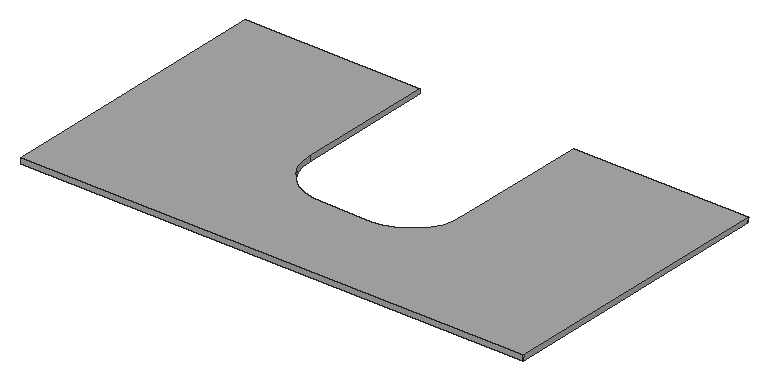
Revit family "console-hansgrohe-54209XXX-Xevolos E Console 980_550 with cutout middle for countertop basin ground 500_480 and 600_480", category Furniture, Revit 2019
Family settings
  OmniClass Number = 23.40.00.00
  OmniClass Title = Equipment and Furnishings
  Work Plane-Based = No
  Always vertical = Yes
  Cut with Voids When Loaded = No
  Shared = Yes
  Room Calculation Point = No
Parameters (values of type "54209-54209760-SLATE_MATT_GREY-400")
  etim7_EC011381 = "EC011381"
  WEIGHT = "3.5"
  UNSPSC = "56 | Furniture and Furnishings"
  UNIFORMATII = "E2010 | Fixed Furnishings"
  UNICLASS_2015_CODE = "40_30_78_05"
  UNICLASS2015 = "Pr_40_20_76_94 | Vanity units"
  SURFACE = "SLATE_MATT_GREY"
  SPECIFICATION = "https://pro.hansgrohe.com/articledetail--54209700"
  REGIONSET = "Worldwide"
  PRODUCTGROUP = "console"
  PRODUCTFAMILY = "Xevolos E"
  PERMALINK = "54209XXX"
  OMNICLASS = "23-19 31 17 11 | Bathroom Units"
  OBJECTTYPE = "Object (single object)"
  NN = "Console with cutout for countertop basin ground"
  NBSYN = "$BASENUMBER.-$ARTNR.-$SURFACE.-$LODLEVEL."
  NB = "54209-54209760-SLATE_MATT_GREY-400"
  NAME = "Xevolos E Console 980/550 with cutout middle for countertop basin ground 500/480 and 600/480"
  Model = "54209-54209760-SLATE_MATT_GREY-400"
  Manufacturer = "Hansgrohe"
  MIdent = "{$CADENAS_DATA/23d-libs/hansgrohe/xevolos_furniture/xevolos_console_cutout_for_countertop_basin_ground/console_with_cutout_for_countertop_basinground.prj},258 {VTYP=3D},{NB=54209-54209760-SLATE_MATT_GREY-400},{LINA=54209-54209760-SLATE_MATT_GREY-400},{NN=Console with cutout for countertop basin ground},{DATE=13.03.2023 11:42:46},{GEOMDATE=12.03.2023 06:46:48},{VERSION=},{LINEID=110},{WBVAR=LODLEVEL},{WBNUMERIC=}  {NB=54209-54209760-SLATE_MATT_GREY-400},{LINA=54209-54209760-SLATE_MATT_GREY-400},{KT=DUMMY},{IDNR=11},{ARTNR=54209760},{BASENUMBER=54209},{MODEL=54209XXX},{SURFACE=SLATE_MATT_GREY},{L=984},{LODLEVEL=400},{LODLEVELX='400','400','200','200'},{L1=300},{LL=492},{NAME=Xevolos E Console 980/550 with cutout middle for countertop basin ground 500/480 and 600/480},{PERMALINK=54209XXX},{OBJECTTYPE=Object (single object)},{BIMOBJECT=Sanitary: Compound units},{PRODUCTFAMILY=Xevolos E},{PRODUCTGROUP=console},{WEIGHT=3.5},{DESCRIPTION=Xevolos E Console 980/550 with cutout middle for countertop basin ground 500/480 and 600/480},{SPECIFICATION=https://pro.hansgrohe.com/articledetail--54209700},{PRODUCTURL=0},{GTINCODE=0},{TENDERURL=0},{IFC=Furnishing element},{ETIM=EC011381 | Bathroom furniture set},{UNICLASS2015=Pr_40_20_76_94 | Vanity units},{OMNICLASS=23-19 31 17 11 | Bathroom Units},{MASTERFORMAT=12 35 30.23 | Bathroom Casework},{UNSPSC=56 | Furniture and Furnishings},{UNIFORMATII=E2010 | Fixed Furnishings},{REGIONSET=Worldwide},{DESIGN=Germany},{MANUFACTURER=Germany}"
  MASTERFORMAT = "12 35 30.23 | Bathroom Casework"
  LODLEVEL = "400"
  LL = 492
  LINA = "54209-54209760-SLATE_MATT_GREY-400"
  L1 = 300
  L = 984
  IFC = "Furnishing element"
  IDNR = 11
  ETIM = "EC011381 | Bathroom furniture set"
  DESIGN = "Germany"
  CATALOG = "Hansgrohe"
  BIMOBJECT = "Sanitary: Compound units"
  BASENUMBER = "54209"
  ARTNR = "54209760"
  54209-54209780-SAND_MATT_BEIGE-400_RX0RY0RZ0TX0TY0TZ0_V = no
  54209-54209780-SAND_MATT_BEIGE-200_RX0RY0RZ0TX0TY0TZ0_V = no
  54209-54209760-SLATE_MATT_GREY-400_RX0RY0RZ0TX0TY0TZ0_V = yes
  54209-54209760-SLATE_MATT_GREY-200_RX0RY0RZ0TX0TY0TZ0_V = no
  54209-54209700-MATTE_WHITE-400_RX0RY0RZ0TX0TY0TZ0_V = no
  54209-54209700-MATTE_WHITE-200_RX0RY0RZ0TX0TY0TZ0_V = no
Types (6, lengths in mm): name | SURFACE | NB | Model | MIdent | LODLEVEL | LINA | IDNR | ARTNR | 54209-54209780-SAND_MATT_BEIGE-400_RX0RY0RZ0TX0TY0TZ0_V | 54209-54209780-SAND_MATT_BEIGE-200_RX0RY0RZ0TX0TY0TZ0_V | 54209-54209760-SLATE_MATT_GREY-400_RX0RY0RZ0TX0TY0TZ0_V | 54209-54209760-SLATE_MATT_GREY-200_RX0RY0RZ0TX0TY0TZ0_V | 54209-54209700-MATTE_WHITE-400_RX0RY0RZ0TX0TY0TZ0_V | 54209-54209700-MATTE_WHITE-200_RX0RY0RZ0TX0TY0TZ0_V
  54209-54209700-MATTE_WHITE-200 | "MATTE_WHITE" | "54209-54209700-MATTE_WHITE-200" | "54209-54209700-MATTE_WHITE-200" | "{$CADENAS_DATA/23d-libs/hansgrohe/xevolos_furniture/xevolos_console_cutout_for_countertop_basin_ground/console_with_cutout_for_countertop_basinground.prj},250 {VTYP=3D},{NB=54209-54209700-MATTE_WHITE-200},{LINA=54209-54209700-MATTE_WHITE-200},{NN=Console with cutout for countertop basin ground},{DATE=13.03.2023 11:42:46},{GEOMDATE=12.03.2023 06:46:48},{VERSION=},{LINEID=100},{WBVAR=LODLEVEL},{WBNUMERIC=}  {NB=54209-54209700-MATTE_WHITE-200},{LINA=54209-54209700-MATTE_WHITE-200},{KT=DUMMY},{IDNR=10},{ARTNR=54209700},{BASENUMBER=54209},{MODEL=54209XXX},{SURFACE=MATTE_WHITE},{L=984},{LODLEVEL=200},{LODLEVELX='400','400','200','200'},{L1=300},{LL=492},{NAME=Xevolos E Console 980/550 with cutout middle for countertop basin ground 500/480 and 600/480},{PERMALINK=54209XXX},{OBJECTTYPE=Object (single object)},{BIMOBJECT=Sanitary: Compound units},{PRODUCTFAMILY=Xevolos E},{PRODUCTGROUP=console},{WEIGHT=3.5},{DESCRIPTION=Xevolos E Console 980/550 with cutout middle for countertop basin ground 500/480 and 600/480},{SPECIFICATION=https://pro.hansgrohe.com/articledetail--54209700},{PRODUCTURL=0},{GTINCODE=0},{TENDERURL=0},{IFC=Furnishing element},{ETIM=EC011381 | Bathroom furniture set},{UNICLASS2015=Pr_40_20_76_94 | Vanity units},{OMNICLASS=23-19 31 17 11 | Bathroom Units},{MASTERFORMAT=12 35 30.23 | Bathroom Casework},{UNSPSC=56 | Furniture and Furnishings},{UNIFORMATII=E2010 | Fixed Furnishings},{REGIONSET=Worldwide},{DESIGN=Germany},{MANUFACTURER=Germany}" | "200" | "54209-54209700-MATTE_WHITE-200" | 10 | "54209700" | no | no | no | no | no | yes
  54209-54209700-MATTE_WHITE-400 | "MATTE_WHITE" | "54209-54209700-MATTE_WHITE-400" | "54209-54209700-MATTE_WHITE-400" | "{$CADENAS_DATA/23d-libs/hansgrohe/xevolos_furniture/xevolos_console_cutout_for_countertop_basin_ground/console_with_cutout_for_countertop_basinground.prj},250 {VTYP=3D},{NB=54209-54209700-MATTE_WHITE-400},{LINA=54209-54209700-MATTE_WHITE-400},{NN=Console with cutout for countertop basin ground},{DATE=13.03.2023 11:42:46},{GEOMDATE=12.03.2023 06:46:48},{VERSION=},{LINEID=100},{WBVAR=LODLEVEL},{WBNUMERIC=}  {NB=54209-54209700-MATTE_WHITE-400},{LINA=54209-54209700-MATTE_WHITE-400},{KT=DUMMY},{IDNR=10},{ARTNR=54209700},{BASENUMBER=54209},{MODEL=54209XXX},{SURFACE=MATTE_WHITE},{L=984},{LODLEVEL=400},{LODLEVELX='400','400','200','200'},{L1=300},{LL=492},{NAME=Xevolos E Console 980/550 with cutout middle for countertop basin ground 500/480 and 600/480},{PERMALINK=54209XXX},{OBJECTTYPE=Object (single object)},{BIMOBJECT=Sanitary: Compound units},{PRODUCTFAMILY=Xevolos E},{PRODUCTGROUP=console},{WEIGHT=3.5},{DESCRIPTION=Xevolos E Console 980/550 with cutout middle for countertop basin ground 500/480 and 600/480},{SPECIFICATION=https://pro.hansgrohe.com/articledetail--54209700},{PRODUCTURL=0},{GTINCODE=0},{TENDERURL=0},{IFC=Furnishing element},{ETIM=EC011381 | Bathroom furniture set},{UNICLASS2015=Pr_40_20_76_94 | Vanity units},{OMNICLASS=23-19 31 17 11 | Bathroom Units},{MASTERFORMAT=12 35 30.23 | Bathroom Casework},{UNSPSC=56 | Furniture and Furnishings},{UNIFORMATII=E2010 | Fixed Furnishings},{REGIONSET=Worldwide},{DESIGN=Germany},{MANUFACTURER=Germany}" | "400" | "54209-54209700-MATTE_WHITE-400" | 10 | "54209700" | no | no | no | no | yes | no
  54209-54209760-SLATE_MATT_GREY-200 | "SLATE_MATT_GREY" | "54209-54209760-SLATE_MATT_GREY-200" | "54209-54209760-SLATE_MATT_GREY-200" | "{$CADENAS_DATA/23d-libs/hansgrohe/xevolos_furniture/xevolos_console_cutout_for_countertop_basin_ground/console_with_cutout_for_countertop_basinground.prj},258 {VTYP=3D},{NB=54209-54209760-SLATE_MATT_GREY-200},{LINA=54209-54209760-SLATE_MATT_GREY-200},{NN=Console with cutout for countertop basin ground},{DATE=13.03.2023 11:42:46},{GEOMDATE=12.03.2023 06:46:48},{VERSION=},{LINEID=110},{WBVAR=LODLEVEL},{WBNUMERIC=}  {NB=54209-54209760-SLATE_MATT_GREY-200},{LINA=54209-54209760-SLATE_MATT_GREY-200},{KT=DUMMY},{IDNR=11},{ARTNR=54209760},{BASENUMBER=54209},{MODEL=54209XXX},{SURFACE=SLATE_MATT_GREY},{L=984},{LODLEVEL=200},{LODLEVELX='400','400','200','200'},{L1=300},{LL=492},{NAME=Xevolos E Console 980/550 with cutout middle for countertop basin ground 500/480 and 600/480},{PERMALINK=54209XXX},{OBJECTTYPE=Object (single object)},{BIMOBJECT=Sanitary: Compound units},{PRODUCTFAMILY=Xevolos E},{PRODUCTGROUP=console},{WEIGHT=3.5},{DESCRIPTION=Xevolos E Console 980/550 with cutout middle for countertop basin ground 500/480 and 600/480},{SPECIFICATION=https://pro.hansgrohe.com/articledetail--54209700},{PRODUCTURL=0},{GTINCODE=0},{TENDERURL=0},{IFC=Furnishing element},{ETIM=EC011381 | Bathroom furniture set},{UNICLASS2015=Pr_40_20_76_94 | Vanity units},{OMNICLASS=23-19 31 17 11 | Bathroom Units},{MASTERFORMAT=12 35 30.23 | Bathroom Casework},{UNSPSC=56 | Furniture and Furnishings},{UNIFORMATII=E2010 | Fixed Furnishings},{REGIONSET=Worldwide},{DESIGN=Germany},{MANUFACTURER=Germany}" | "200" | "54209-54209760-SLATE_MATT_GREY-200" | 11 | "54209760" | no | no | no | yes | no | no
  54209-54209760-SLATE_MATT_GREY-400 | "SLATE_MATT_GREY" | "54209-54209760-SLATE_MATT_GREY-400" | "54209-54209760-SLATE_MATT_GREY-400" | "{$CADENAS_DATA/23d-libs/hansgrohe/xevolos_furniture/xevolos_console_cutout_for_countertop_basin_ground/console_with_cutout_for_countertop_basinground.prj},258 {VTYP=3D},{NB=54209-54209760-SLATE_MATT_GREY-400},{LINA=54209-54209760-SLATE_MATT_GREY-400},{NN=Console with cutout for countertop basin ground},{DATE=13.03.2023 11:42:46},{GEOMDATE=12.03.2023 06:46:48},{VERSION=},{LINEID=110},{WBVAR=LODLEVEL},{WBNUMERIC=}  {NB=54209-54209760-SLATE_MATT_GREY-400},{LINA=54209-54209760-SLATE_MATT_GREY-400},{KT=DUMMY},{IDNR=11},{ARTNR=54209760},{BASENUMBER=54209},{MODEL=54209XXX},{SURFACE=SLATE_MATT_GREY},{L=984},{LODLEVEL=400},{LODLEVELX='400','400','200','200'},{L1=300},{LL=492},{NAME=Xevolos E Console 980/550 with cutout middle for countertop basin ground 500/480 and 600/480},{PERMALINK=54209XXX},{OBJECTTYPE=Object (single object)},{BIMOBJECT=Sanitary: Compound units},{PRODUCTFAMILY=Xevolos E},{PRODUCTGROUP=console},{WEIGHT=3.5},{DESCRIPTION=Xevolos E Console 980/550 with cutout middle for countertop basin ground 500/480 and 600/480},{SPECIFICATION=https://pro.hansgrohe.com/articledetail--54209700},{PRODUCTURL=0},{GTINCODE=0},{TENDERURL=0},{IFC=Furnishing element},{ETIM=EC011381 | Bathroom furniture set},{UNICLASS2015=Pr_40_20_76_94 | Vanity units},{OMNICLASS=23-19 31 17 11 | Bathroom Units},{MASTERFORMAT=12 35 30.23 | Bathroom Casework},{UNSPSC=56 | Furniture and Furnishings},{UNIFORMATII=E2010 | Fixed Furnishings},{REGIONSET=Worldwide},{DESIGN=Germany},{MANUFACTURER=Germany}" | "400" | "54209-54209760-SLATE_MATT_GREY-400" | 11 | "54209760" | no | no | yes | no | no | no
  54209-54209780-SAND_MATT_BEIGE-200 | "SAND_MATT_BEIGE" | "54209-54209780-SAND_MATT_BEIGE-200" | "54209-54209780-SAND_MATT_BEIGE-200" | "{$CADENAS_DATA/23d-libs/hansgrohe/xevolos_furniture/xevolos_console_cutout_for_countertop_basin_ground/console_with_cutout_for_countertop_basinground.prj},258 {VTYP=3D},{NB=54209-54209780-SAND_MATT_BEIGE-200},{LINA=54209-54209780-SAND_MATT_BEIGE-200},{NN=Console with cutout for countertop basin ground},{DATE=13.03.2023 11:42:46},{GEOMDATE=12.03.2023 06:46:48},{VERSION=},{LINEID=120},{WBVAR=LODLEVEL},{WBNUMERIC=}  {NB=54209-54209780-SAND_MATT_BEIGE-200},{LINA=54209-54209780-SAND_MATT_BEIGE-200},{KT=DUMMY},{IDNR=12},{ARTNR=54209780},{BASENUMBER=54209},{MODEL=54209XXX},{SURFACE=SAND_MATT_BEIGE},{L=984},{LODLEVEL=200},{LODLEVELX='400','400','200','200'},{L1=300},{LL=492},{NAME=Xevolos E Console 980/550 with cutout middle for countertop basin ground 500/480 and 600/480},{PERMALINK=54209XXX},{OBJECTTYPE=Object (single object)},{BIMOBJECT=Sanitary: Compound units},{PRODUCTFAMILY=Xevolos E},{PRODUCTGROUP=console},{WEIGHT=3.5},{DESCRIPTION=Xevolos E Console 980/550 with cutout middle for countertop basin ground 500/480 and 600/480},{SPECIFICATION=https://pro.hansgrohe.com/articledetail--54209700},{PRODUCTURL=0},{GTINCODE=0},{TENDERURL=0},{IFC=Furnishing element},{ETIM=EC011381 | Bathroom furniture set},{UNICLASS2015=Pr_40_20_76_94 | Vanity units},{OMNICLASS=23-19 31 17 11 | Bathroom Units},{MASTERFORMAT=12 35 30.23 | Bathroom Casework},{UNSPSC=56 | Furniture and Furnishings},{UNIFORMATII=E2010 | Fixed Furnishings},{REGIONSET=Worldwide},{DESIGN=Germany},{MANUFACTURER=Germany}" | "200" | "54209-54209780-SAND_MATT_BEIGE-200" | 12 | "54209780" | no | yes | no | no | no | no
  54209-54209780-SAND_MATT_BEIGE-400 | "SAND_MATT_BEIGE" | "54209-54209780-SAND_MATT_BEIGE-400" | "54209-54209780-SAND_MATT_BEIGE-400" | "{$CADENAS_DATA/23d-libs/hansgrohe/xevolos_furniture/xevolos_console_cutout_for_countertop_basin_ground/console_with_cutout_for_countertop_basinground.prj},258 {VTYP=3D},{NB=54209-54209780-SAND_MATT_BEIGE-400},{LINA=54209-54209780-SAND_MATT_BEIGE-400},{NN=Console with cutout for countertop basin ground},{DATE=13.03.2023 11:42:46},{GEOMDATE=12.03.2023 06:46:48},{VERSION=},{LINEID=120},{WBVAR=LODLEVEL},{WBNUMERIC=}  {NB=54209-54209780-SAND_MATT_BEIGE-400},{LINA=54209-54209780-SAND_MATT_BEIGE-400},{KT=DUMMY},{IDNR=12},{ARTNR=54209780},{BASENUMBER=54209},{MODEL=54209XXX},{SURFACE=SAND_MATT_BEIGE},{L=984},{LODLEVEL=400},{LODLEVELX='400','400','200','200'},{L1=300},{LL=492},{NAME=Xevolos E Console 980/550 with cutout middle for countertop basin ground 500/480 and 600/480},{PERMALINK=54209XXX},{OBJECTTYPE=Object (single object)},{BIMOBJECT=Sanitary: Compound units},{PRODUCTFAMILY=Xevolos E},{PRODUCTGROUP=console},{WEIGHT=3.5},{DESCRIPTION=Xevolos E Console 980/550 with cutout middle for countertop basin ground 500/480 and 600/480},{SPECIFICATION=https://pro.hansgrohe.com/articledetail--54209700},{PRODUCTURL=0},{GTINCODE=0},{TENDERURL=0},{IFC=Furnishing element},{ETIM=EC011381 | Bathroom furniture set},{UNICLASS2015=Pr_40_20_76_94 | Vanity units},{OMNICLASS=23-19 31 17 11 | Bathroom Units},{MASTERFORMAT=12 35 30.23 | Bathroom Casework},{UNSPSC=56 | Furniture and Furnishings},{UNIFORMATII=E2010 | Fixed Furnishings},{REGIONSET=Worldwide},{DESIGN=Germany},{MANUFACTURER=Germany}" | "400" | "54209-54209780-SAND_MATT_BEIGE-400" | 12 | "54209780" | yes | no | no | no | no | no
Reference planes
  plane 1 "Center (Front/Back)": y = 0
  plane 2: z = 0
  plane 3 "Center (Left/Right)": x = 0
Dimensions and locks
  aligned and locked: level to plane 2
Nested families
  nested 1: "54209-54209700-matte_white-200_content" at (0, 0, 0), visible <- "54209-54209700-MATTE_WHITE-200_RX0RY0RZ0TX0TY0TZ0_V", ContentVisible <- "54209-54209700-MATTE_WHITE-200_RX0RY0RZ0TX0TY0TZ0_V", type "54209-54209700-MATTE_WHITE-200_Content"
    with ContentVisible no
  nested 2: "54209-54209700-matte_white-400_content" at (0, 0, 0), visible <- "54209-54209700-MATTE_WHITE-400_RX0RY0RZ0TX0TY0TZ0_V", ContentVisible <- "54209-54209700-MATTE_WHITE-400_RX0RY0RZ0TX0TY0TZ0_V", type "54209-54209700-MATTE_WHITE-400_Content"
    with ContentVisible no
  nested 3: "54209-54209760-slate_matt_grey-200_content" at (0, 0, 0), visible <- "54209-54209760-SLATE_MATT_GREY-200_RX0RY0RZ0TX0TY0TZ0_V", ContentVisible <- "54209-54209760-SLATE_MATT_GREY-200_RX0RY0RZ0TX0TY0TZ0_V", type "54209-54209760-SLATE_MATT_GREY-200_Content"
    with ContentVisible no
  nested 4: "54209-54209760-slate_matt_grey-400_content" at (0, 0, 0), visible <- "54209-54209760-SLATE_MATT_GREY-400_RX0RY0RZ0TX0TY0TZ0_V", ContentVisible <- "54209-54209760-SLATE_MATT_GREY-400_RX0RY0RZ0TX0TY0TZ0_V", type "54209-54209760-SLATE_MATT_GREY-400_Content"
    with ContentVisible yes
  nested 5: "54209-54209780-sand_matt_beige-200_content" at (0, 0, 0), visible <- "54209-54209780-SAND_MATT_BEIGE-200_RX0RY0RZ0TX0TY0TZ0_V", ContentVisible <- "54209-54209780-SAND_MATT_BEIGE-200_RX0RY0RZ0TX0TY0TZ0_V", type "54209-54209780-SAND_MATT_BEIGE-200_Content"
    with ContentVisible no
  nested 6: "54209-54209780-sand_matt_beige-400_content" at (0, 0, 0), visible <- "54209-54209780-SAND_MATT_BEIGE-400_RX0RY0RZ0TX0TY0TZ0_V", ContentVisible <- "54209-54209780-SAND_MATT_BEIGE-400_RX0RY0RZ0TX0TY0TZ0_V", type "54209-54209780-SAND_MATT_BEIGE-400_Content"
    with ContentVisible no
Definition of nested family "54209-54209760-slate_matt_grey-400_content"
  Parameters (values of type "54209-54209760-SLATE_MATT_GREY-400_Content")
    etim7_EC011381 = "EC011381"
    WEIGHT = "3.5"
    UNSPSC = "56 | Furniture and Furnishings"
    UNIFORMATII = "E2010 | Fixed Furnishings"
    UNICLASS_2015_CODE = "40_30_78_05"
    UNICLASS2015 = "Pr_40_20_76_94 | Vanity units"
    SURFACE = "SLATE_MATT_GREY"
    SPECIFICATION = "https://pro.hansgrohe.com/articledetail--54209700"
    REGIONSET = "Worldwide"
    PRODUCTGROUP = "console"
    PRODUCTFAMILY = "Xevolos E"
    PERMALINK = "54209XXX"
    OMNICLASS = "23-19 31 17 11 | Bathroom Units"
    OBJECTTYPE = "Object (single object)"
    NN = "Console with cutout for countertop basin ground"
    NBSYN = "$BASENUMBER.-$ARTNR.-$SURFACE.-$LODLEVEL."
    NB = "54209-54209760-SLATE_MATT_GREY-400"
    NAME = "Xevolos E Console 980/550 with cutout middle for countertop basin ground 500/480 and 600/480"
    Model = "54209-54209760-SLATE_MATT_GREY-400"
    Manufacturer = "Hansgrohe"
    MASTERFORMAT = "12 35 30.23 | Bathroom Casework"
    LODLEVEL = "400"
    LL = 492
    LINA = "54209-54209760-SLATE_MATT_GREY-400"
    L1 = 300
    L = 984
    IFC = "Furnishing element"
    IDNR = 11
    ETIM = "EC011381 | Bathroom furniture set"
    Default Elevation = 1219.2 mm
    DESIGN = "Germany"
    ContentVisible [instance] = yes
    CATALOG = "Hansgrohe"
    BIMOBJECT = "Sanitary: Compound units"
    BASENUMBER = "54209"
    ARTNR = "54209760"
  Reference planes
    plane 1 "Center (Front/Back)": y = 0
    plane 2: z = 0
    plane 3 "Center (Left/Right)": x = 0
  Forms (mm)
    Extrusion 1, solid, visible <- "ContentVisible", detail levels medium+fine
      sketch origin (0, 0, 0) x (1, 0, 0) y (0, 1, 0)
        loop
          line (-492, -1.5) -> (-492, -548.5)
          arc (-492, -548.5) -> (-491.561, -549.561) -> (-490.5, -550) r 1.5
          line (-490.5, -550) -> (490.5, -550)
          arc (490.5, -550) -> (491.561, -549.561) -> (492, -548.5) r 1.5
          line (492, -548.5) -> (492, -1.5)
          arc (492, -1.5) -> (491.561, -0.439) -> (490.5, 0) r 1.5
          line (490.5, 0) -> (150, 0) -> (150, -270)
          arc (150, -270) -> (120.711, -340.711) -> (50, -370) r 100
          line (50, -370) -> (-50, -370)
          arc (-50, -370) -> (-120.711, -340.711) -> (-150, -270) r 100
          line (-150, -270) -> (-150, 0) -> (-490.5, 0)
          arc (-490.5, 0) -> (-491.561, -0.439) -> (-492, -1.5) r 1.5
      from 0 to 10
    Extrusion 2, solid, visible <- "ContentVisible", detail levels coarse
      sketch origin (0, -275, 0) x (1, 0, 0) y (0, 1, 0)
        loop
          line (-492, -275) -> (492, -275) -> (492, 275) -> (-492, 275) -> (-492, -275)
      from 0 to 10
  Dimensions and locks
    aligned and locked: level to plane 2
Definition of nested family "54209-54209700-matte_white-200_content"
  Parameters (values of type "54209-54209700-MATTE_WHITE-200_Content")
    etim7_EC011381 = "EC011381"
    WEIGHT = "3.5"
    UNSPSC = "56 | Furniture and Furnishings"
    UNIFORMATII = "E2010 | Fixed Furnishings"
    UNICLASS_2015_CODE = "40_30_78_05"
    UNICLASS2015 = "Pr_40_20_76_94 | Vanity units"
    SURFACE = "MATTE_WHITE"
    SPECIFICATION = "https://pro.hansgrohe.com/articledetail--54209700"
    REGIONSET = "Worldwide"
    PRODUCTGROUP = "console"
    PRODUCTFAMILY = "Xevolos E"
    PERMALINK = "54209XXX"
    OMNICLASS = "23-19 31 17 11 | Bathroom Units"
    OBJECTTYPE = "Object (single object)"
    NN = "Console with cutout for countertop basin ground"
    NBSYN = "$BASENUMBER.-$ARTNR.-$SURFACE.-$LODLEVEL."
    NB = "54209-54209700-MATTE_WHITE-200"
    NAME = "Xevolos E Console 980/550 with cutout middle for countertop basin ground 500/480 and 600/480"
    Model = "54209-54209700-MATTE_WHITE-200"
    Manufacturer = "Hansgrohe"
    MASTERFORMAT = "12 35 30.23 | Bathroom Casework"
    LODLEVEL = "200"
    LL = 492
    LINA = "54209-54209700-MATTE_WHITE-200"
    L1 = 300
    L = 984
    IFC = "Furnishing element"
    IDNR = 10
    ETIM = "EC011381 | Bathroom furniture set"
    Default Elevation = 1219.2 mm
    DESIGN = "Germany"
    ContentVisible [instance] = yes
    CATALOG = "Hansgrohe"
    BIMOBJECT = "Sanitary: Compound units"
    BASENUMBER = "54209"
    ARTNR = "54209700"
  Reference planes
    plane 1 "Center (Front/Back)": y = 0
    plane 2: z = 0
    plane 3 "Center (Left/Right)": x = 0
  Forms (mm)
    Extrusion 1, solid, visible <- "ContentVisible", detail levels medium+fine
      sketch origin (0, 0, 0) x (1, 0, 0) y (0, 1, 0)
        loop
          line (-492, 0) -> (-492, -550) -> (492, -550) -> (492, 0) -> (150, 0) -> (150, -460) -> (-150, -460) -> (-150, 0) -> (-492, 0)
      from 0 to 10
    Extrusion 2, solid, visible <- "ContentVisible", detail levels coarse
      sketch origin (0, -275, 0) x (1, 0, 0) y (0, 1, 0)
        loop
          line (-492, -275) -> (492, -275) -> (492, 275) -> (-492, 275) -> (-492, -275)
      from 0 to 10
  Dimensions and locks
    aligned and locked: level to plane 2
Definition of nested family "54209-54209700-matte_white-400_content"
  Parameters (values of type "54209-54209700-MATTE_WHITE-400_Content")
    etim7_EC011381 = "EC011381"
    WEIGHT = "3.5"
    UNSPSC = "56 | Furniture and Furnishings"
    UNIFORMATII = "E2010 | Fixed Furnishings"
    UNICLASS_2015_CODE = "40_30_78_05"
    UNICLASS2015 = "Pr_40_20_76_94 | Vanity units"
    SURFACE = "MATTE_WHITE"
    SPECIFICATION = "https://pro.hansgrohe.com/articledetail--54209700"
    REGIONSET = "Worldwide"
    PRODUCTGROUP = "console"
    PRODUCTFAMILY = "Xevolos E"
    PERMALINK = "54209XXX"
    OMNICLASS = "23-19 31 17 11 | Bathroom Units"
    OBJECTTYPE = "Object (single object)"
    NN = "Console with cutout for countertop basin ground"
    NBSYN = "$BASENUMBER.-$ARTNR.-$SURFACE.-$LODLEVEL."
    NB = "54209-54209700-MATTE_WHITE-400"
    NAME = "Xevolos E Console 980/550 with cutout middle for countertop basin ground 500/480 and 600/480"
    Model = "54209-54209700-MATTE_WHITE-400"
    Manufacturer = "Hansgrohe"
    MASTERFORMAT = "12 35 30.23 | Bathroom Casework"
    LODLEVEL = "400"
    LL = 492
    LINA = "54209-54209700-MATTE_WHITE-400"
    L1 = 300
    L = 984
    IFC = "Furnishing element"
    IDNR = 10
    ETIM = "EC011381 | Bathroom furniture set"
    Default Elevation = 1219.2 mm
    DESIGN = "Germany"
    ContentVisible [instance] = yes
    CATALOG = "Hansgrohe"
    BIMOBJECT = "Sanitary: Compound units"
    BASENUMBER = "54209"
    ARTNR = "54209700"
  Reference planes
    plane 1 "Center (Front/Back)": y = 0
    plane 2: z = 0
    plane 3 "Center (Left/Right)": x = 0
  Forms (mm)
    Extrusion 1, solid, visible <- "ContentVisible", detail levels medium+fine
      sketch origin (0, 0, 0) x (1, 0, 0) y (0, 1, 0)
        loop
          line (-492, -1.5) -> (-492, -548.5)
          arc (-492, -548.5) -> (-491.561, -549.561) -> (-490.5, -550) r 1.5
          line (-490.5, -550) -> (490.5, -550)
          arc (490.5, -550) -> (491.561, -549.561) -> (492, -548.5) r 1.5
          line (492, -548.5) -> (492, -1.5)
          arc (492, -1.5) -> (491.561, -0.439) -> (490.5, 0) r 1.5
          line (490.5, 0) -> (150, 0) -> (150, -270)
          arc (150, -270) -> (120.711, -340.711) -> (50, -370) r 100
          line (50, -370) -> (-50, -370)
          arc (-50, -370) -> (-120.711, -340.711) -> (-150, -270) r 100
          line (-150, -270) -> (-150, 0) -> (-490.5, 0)
          arc (-490.5, 0) -> (-491.561, -0.439) -> (-492, -1.5) r 1.5
      from 0 to 10
    Extrusion 2, solid, visible <- "ContentVisible", detail levels coarse
      sketch origin (0, -275, 0) x (1, 0, 0) y (0, 1, 0)
        loop
          line (-492, -275) -> (492, -275) -> (492, 275) -> (-492, 275) -> (-492, -275)
      from 0 to 10
  Dimensions and locks
    aligned and locked: level to plane 2
Definition of nested family "54209-54209760-slate_matt_grey-200_content"
  Parameters (values of type "54209-54209760-SLATE_MATT_GREY-200_Content")
    etim7_EC011381 = "EC011381"
    WEIGHT = "3.5"
    UNSPSC = "56 | Furniture and Furnishings"
    UNIFORMATII = "E2010 | Fixed Furnishings"
    UNICLASS_2015_CODE = "40_30_78_05"
    UNICLASS2015 = "Pr_40_20_76_94 | Vanity units"
    SURFACE = "SLATE_MATT_GREY"
    SPECIFICATION = "https://pro.hansgrohe.com/articledetail--54209700"
    REGIONSET = "Worldwide"
    PRODUCTGROUP = "console"
    PRODUCTFAMILY = "Xevolos E"
    PERMALINK = "54209XXX"
    OMNICLASS = "23-19 31 17 11 | Bathroom Units"
    OBJECTTYPE = "Object (single object)"
    NN = "Console with cutout for countertop basin ground"
    NBSYN = "$BASENUMBER.-$ARTNR.-$SURFACE.-$LODLEVEL."
    NB = "54209-54209760-SLATE_MATT_GREY-200"
    NAME = "Xevolos E Console 980/550 with cutout middle for countertop basin ground 500/480 and 600/480"
    Model = "54209-54209760-SLATE_MATT_GREY-200"
    Manufacturer = "Hansgrohe"
    MASTERFORMAT = "12 35 30.23 | Bathroom Casework"
    LODLEVEL = "200"
    LL = 492
    LINA = "54209-54209760-SLATE_MATT_GREY-200"
    L1 = 300
    L = 984
    IFC = "Furnishing element"
    IDNR = 11
    ETIM = "EC011381 | Bathroom furniture set"
    Default Elevation = 1219.2 mm
    DESIGN = "Germany"
    ContentVisible [instance] = yes
    CATALOG = "Hansgrohe"
    BIMOBJECT = "Sanitary: Compound units"
    BASENUMBER = "54209"
    ARTNR = "54209760"
  Reference planes
    plane 1 "Center (Front/Back)": y = 0
    plane 2: z = 0
    plane 3 "Center (Left/Right)": x = 0
  Forms (mm)
    Extrusion 1, solid, visible <- "ContentVisible", detail levels medium+fine
      sketch origin (0, 0, 0) x (1, 0, 0) y (0, 1, 0)
        loop
          line (-492, 0) -> (-492, -550) -> (492, -550) -> (492, 0) -> (150, 0) -> (150, -460) -> (-150, -460) -> (-150, 0) -> (-492, 0)
      from 0 to 10
    Extrusion 2, solid, visible <- "ContentVisible", detail levels coarse
      sketch origin (0, -275, 0) x (1, 0, 0) y (0, 1, 0)
        loop
          line (-492, -275) -> (492, -275) -> (492, 275) -> (-492, 275) -> (-492, -275)
      from 0 to 10
  Dimensions and locks
    aligned and locked: level to plane 2
Definition of nested family "54209-54209780-sand_matt_beige-200_content"
  Parameters (values of type "54209-54209780-SAND_MATT_BEIGE-200_Content")
    etim7_EC011381 = "EC011381"
    WEIGHT = "3.5"
    UNSPSC = "56 | Furniture and Furnishings"
    UNIFORMATII = "E2010 | Fixed Furnishings"
    UNICLASS_2015_CODE = "40_30_78_05"
    UNICLASS2015 = "Pr_40_20_76_94 | Vanity units"
    SURFACE = "SAND_MATT_BEIGE"
    SPECIFICATION = "https://pro.hansgrohe.com/articledetail--54209700"
    REGIONSET = "Worldwide"
    PRODUCTGROUP = "console"
    PRODUCTFAMILY = "Xevolos E"
    PERMALINK = "54209XXX"
    OMNICLASS = "23-19 31 17 11 | Bathroom Units"
    OBJECTTYPE = "Object (single object)"
    NN = "Console with cutout for countertop basin ground"
    NBSYN = "$BASENUMBER.-$ARTNR.-$SURFACE.-$LODLEVEL."
    NB = "54209-54209780-SAND_MATT_BEIGE-200"
    NAME = "Xevolos E Console 980/550 with cutout middle for countertop basin ground 500/480 and 600/480"
    Model = "54209-54209780-SAND_MATT_BEIGE-200"
    Manufacturer = "Hansgrohe"
    MASTERFORMAT = "12 35 30.23 | Bathroom Casework"
    LODLEVEL = "200"
    LL = 492
    LINA = "54209-54209780-SAND_MATT_BEIGE-200"
    L1 = 300
    L = 984
    IFC = "Furnishing element"
    IDNR = 12
    ETIM = "EC011381 | Bathroom furniture set"
    Default Elevation = 1219.2 mm
    DESIGN = "Germany"
    ContentVisible [instance] = yes
    CATALOG = "Hansgrohe"
    BIMOBJECT = "Sanitary: Compound units"
    BASENUMBER = "54209"
    ARTNR = "54209780"
  Reference planes
    plane 1 "Center (Front/Back)": y = 0
    plane 2: z = 0
    plane 3 "Center (Left/Right)": x = 0
  Forms (mm)
    Extrusion 1, solid, visible <- "ContentVisible", detail levels medium+fine
      sketch origin (0, 0, 0) x (1, 0, 0) y (0, 1, 0)
        loop
          line (-492, 0) -> (-492, -550) -> (492, -550) -> (492, 0) -> (150, 0) -> (150, -460) -> (-150, -460) -> (-150, 0) -> (-492, 0)
      from 0 to 10
    Extrusion 2, solid, visible <- "ContentVisible", detail levels coarse
      sketch origin (0, -275, 0) x (1, 0, 0) y (0, 1, 0)
        loop
          line (-492, -275) -> (492, -275) -> (492, 275) -> (-492, 275) -> (-492, -275)
      from 0 to 10
  Dimensions and locks
    aligned and locked: level to plane 2
Definition of nested family "54209-54209780-sand_matt_beige-400_content"
  Parameters (values of type "54209-54209780-SAND_MATT_BEIGE-400_Content")
    etim7_EC011381 = "EC011381"
    WEIGHT = "3.5"
    UNSPSC = "56 | Furniture and Furnishings"
    UNIFORMATII = "E2010 | Fixed Furnishings"
    UNICLASS_2015_CODE = "40_30_78_05"
    UNICLASS2015 = "Pr_40_20_76_94 | Vanity units"
    SURFACE = "SAND_MATT_BEIGE"
    SPECIFICATION = "https://pro.hansgrohe.com/articledetail--54209700"
    REGIONSET = "Worldwide"
    PRODUCTGROUP = "console"
    PRODUCTFAMILY = "Xevolos E"
    PERMALINK = "54209XXX"
    OMNICLASS = "23-19 31 17 11 | Bathroom Units"
    OBJECTTYPE = "Object (single object)"
    NN = "Console with cutout for countertop basin ground"
    NBSYN = "$BASENUMBER.-$ARTNR.-$SURFACE.-$LODLEVEL."
    NB = "54209-54209780-SAND_MATT_BEIGE-400"
    NAME = "Xevolos E Console 980/550 with cutout middle for countertop basin ground 500/480 and 600/480"
    Model = "54209-54209780-SAND_MATT_BEIGE-400"
    Manufacturer = "Hansgrohe"
    MASTERFORMAT = "12 35 30.23 | Bathroom Casework"
    LODLEVEL = "400"
    LL = 492
    LINA = "54209-54209780-SAND_MATT_BEIGE-400"
    L1 = 300
    L = 984
    IFC = "Furnishing element"
    IDNR = 12
    ETIM = "EC011381 | Bathroom furniture set"
    Default Elevation = 1219.2 mm
    DESIGN = "Germany"
    ContentVisible [instance] = yes
    CATALOG = "Hansgrohe"
    BIMOBJECT = "Sanitary: Compound units"
    BASENUMBER = "54209"
    ARTNR = "54209780"
  Reference planes
    plane 1 "Center (Front/Back)": y = 0
    plane 2: z = 0
    plane 3 "Center (Left/Right)": x = 0
  Forms (mm)
    Extrusion 1, solid, visible <- "ContentVisible", detail levels medium+fine
      sketch origin (0, 0, 0) x (1, 0, 0) y (0, 1, 0)
        loop
          line (-492, -1.5) -> (-492, -548.5)
          arc (-492, -548.5) -> (-491.561, -549.561) -> (-490.5, -550) r 1.5
          line (-490.5, -550) -> (490.5, -550)
          arc (490.5, -550) -> (491.561, -549.561) -> (492, -548.5) r 1.5
          line (492, -548.5) -> (492, -1.5)
          arc (492, -1.5) -> (491.561, -0.439) -> (490.5, 0) r 1.5
          line (490.5, 0) -> (150, 0) -> (150, -270)
          arc (150, -270) -> (120.711, -340.711) -> (50, -370) r 100
          line (50, -370) -> (-50, -370)
          arc (-50, -370) -> (-120.711, -340.711) -> (-150, -270) r 100
          line (-150, -270) -> (-150, 0) -> (-490.5, 0)
          arc (-490.5, 0) -> (-491.561, -0.439) -> (-492, -1.5) r 1.5
      from 0 to 10
    Extrusion 2, solid, visible <- "ContentVisible", detail levels coarse
      sketch origin (0, -275, 0) x (1, 0, 0) y (0, 1, 0)
        loop
          line (-492, -275) -> (492, -275) -> (492, 275) -> (-492, 275) -> (-492, -275)
      from 0 to 10
  Dimensions and locks
    aligned and locked: level to plane 2
